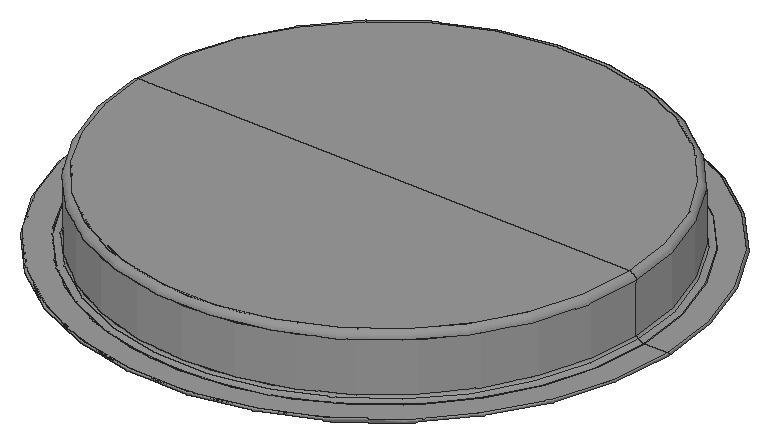
Revit family "MIA12_63_UN_Downlighter_ETK", category Lighting Fixtures, Revit 2017 (continued)
Definition of nested family "MIA.1 - Lightsource"
  Types (8, lengths in mm): name | Wattage | built-in parameter 1150134 | Photometric Web File | built-in parameter 1150142 | built-in parameter 1150105 | Lumens | built-in parameter 1150107 | built-in parameter 1150106
    MIA.1260.15 -  Ø180 / 10W / 1100lm / 4000K | 7.40531 W | 12 | "MIA.1260.15_LDT.ies" | "IESNA91\r\n[MANUFAC]  www.etk.nl\r\n[LUMCAT] MIA.1260.15\r\n[LUMINAIRE] MIA.1 LED 10W 4000K ø180 1000Lm mat wit  \r\n[LAMP] LED\r\n[CHANGED] this file converted to 'ies' from 'ldt' by IES Viewer v2.99n    (C) Andrey Legotin\r\nTILT=NONE\r\n1 1050 1.05 181 24 1 2 0 -0.16 0\r\n1 1 10\r\n0 1 2 3 4 5 6 7 8 9 10 11 12 13 14 15 16 17 18 19 20 21 22 \r\n23 24 25 26 27 28 29 30 31 32 33 34 35 36 37 38 39 40 41 42 \r\n43 44 45 46 47 48 49 50 51 52 53 54 55 56 57 58 59 60 61 62 \r\n63 64 65 66 67 68 69 70 71 72 73 74 75 76 77 78 79 80 81 82 \r\n83 84 85 86 87 88 89 90 91 92 93 94 95 96 97 98 99 100 101 \r\n102 103 104 105 106 107 108 109 110 111 112 113 114 115 116 \r\n117 118 119 120 121 122 123 124 125 126 127 128 129 130 131 \r\n132 133 134 135 136 137 138 139 140 141 142 143 144 145 146 \r\n147 148 149 150 151 152 153 154 155 156 157 158 159 160 161 \r\n162 163 164 165 166 167 168 169 170 171 172 173 174 175 176 \r\n177 178 179 180 \r\n0 15 30 45 60 75 90 105 120 135 150 165 180 195 210 225 240 \r\n255 270 285 300 315 330 345 \r\n346.7666 346.96 346.9237 346.8029 346.1864 346.1139 \r\n345.4611 344.9293 344.1073 343.7931 342.8381 341.5206 \r\n340.2635 338.6317 336.9394 334.9934 332.5879 331.4638 \r\n329.7474 327.3661 325.1541 322.652 320.5125 317.95 314.9523 \r\n312.4018 309.4524 306.3459 303.0098 300.0121 296.9539 \r\n293.2189 289.5322 285.8697 282.0742 278.2546 274.6283 \r\n270.7845 266.8198 262.4199 258.3706 253.9466 249.5588 \r\n245.2315 240.2393 235.6219 230.9924 226.387 222.0839 \r\n216.6203 211.3381 206.5031 201.3659 196.3858 190.9223 \r\n185.8334 180.3941 175.0635 169.6483 163.8342 159.0112 \r\n153.318 147.4193 142.0525 136.4559 130.8473 125.0695 \r\n119.3884 113.7314 108.0865 102.4417 96.9298 91.3212 85.5675 \r\n80.1402 74.6283 69.1285 63.4715 58.1651 52.7257 47.3951 \r\n42.2217 37.0241 31.9231 26.8343 21.8421 16.9588 12.1721 \r\n7.5063 3.1911 0.7857 0.133 0.1209 0.1209 0.1209 0.1209 \r\n0.1209 0.1209 0.1209 0.1209 0.1209 0.133 0.1451 0.1571 \r\n0.1571 0.1692 0.1692 0.1813 0.1813 0.2055 0.2055 0.2176 \r\n0.2297 0.2418 0.2538 0.2659 0.2659 0.278 0.278 0.2901 \r\n0.3022 0.3264 0.3264 0.3143 0.3264 0.3385 0.3505 0.3505 \r\n0.3626 0.3747 0.3868 0.3868 0.3989 0.411 0.411 0.411 0.4352 \r\n0.4352 0.4352 0.4472 0.4472 0.4593 0.4714 0.4714 0.4835 \r\n0.4956 0.4956 0.4956 0.5077 0.5077 0.5077 0.5077 0.5198 \r\n0.5198 0.5198 0.5319 0.5319 0.5319 0.5319 0.5319 0.5319 \r\n0.5319 0.5319 0.5319 0.5319 0.5319 0.5319 0.556 0.556 0.556 \r\n0.556 0.6044 0.6165 0.6406 0.6406 0.6527 0.6527 0.6527 \r\n0.6527 0.6527 0.6406 \r\n348.3742 347.7578 349.2083 348.2413 348.0962 346.9842 \r\n346.5248 345.9084 346.0172 344.8326 343.6964 343.6722 \r\n341.0734 340.3119 338.2812 336.3472 334.5582 332.9868 \r\n331.1374 328.3936 327.2936 324.5739 321.3828 319.6059 \r\n316.4632 313.7314 311.4469 307.7602 305.0526 301.9098 \r\n298.6341 295.1287 291.7442 287.7674 284.5401 280.5633 \r\n276.9733 273.3954 269.0801 264.6924 260.6551 256.6421 \r\n252.1818 247.1776 243.092 238.535 234.0868 229.3122 \r\n224.4772 218.8807 213.2842 207.6877 202.5867 197.6067 \r\n192.7958 187.5378 181.9413 176.3447 170.8933 165.466 \r\n160.0266 154.6356 149.0632 143.4667 137.9669 132.455 \r\n126.931 120.7784 115.1698 109.6337 103.9768 98.2594 92.5299 \r\n86.9213 81.4094 75.9579 70.3856 64.9462 59.4585 54.14 \r\n48.7731 43.503 38.2086 33.0835 28.0189 23.063 18.0708 \r\n13.1875 8.4854 3.9889 1.1483 0.0967 0.0967 0.1088 0.1088 \r\n0.1088 0.1209 0.1209 0.1209 0.133 0.1451 0.1571 0.1692 \r\n0.1692 0.1813 0.1934 0.1934 0.2055 0.2176 0.2297 0.2297 \r\n0.2418 0.2538 0.2659 0.278 0.278 0.2901 0.3022 0.3143 \r\n0.3264 0.3264 0.3385 0.3505 0.3626 0.3626 0.3626 0.3747 \r\n0.3868 0.3989 0.3989 0.411 0.4231 0.4231 0.4352 0.4352 \r\n0.4472 0.4593 0.4593 0.4714 0.4714 0.4835 0.4956 0.5077 \r\n0.5077 0.5077 0.5077 0.5077 0.5319 0.5319 0.5319 0.5319 \r\n0.5319 0.5319 0.5319 0.5319 0.5319 0.5319 0.5439 0.5439 \r\n0.5439 0.5439 0.5439 0.5439 0.5439 0.556 0.556 0.556 0.5681 \r\n0.5681 0.5802 0.6044 0.6044 0.6165 0.6165 0.6165 0.6286 \r\n0.6286 0.6406 0.6286 0.6286 0.6406 \r\n347.794 348.1083 348.0479 347.7336 347.5402 347.6973 \r\n346.8512 346.0293 345.7512 344.5667 343.7326 342.5964 \r\n341.2426 340.0218 338.5229 336.9394 335.0538 333.4341 \r\n331.5363 329.2518 327.5837 324.719 322.2048 319.896 \r\n317.1401 313.816 311.193 308.3887 305.3427 301.8494 \r\n298.8396 295.2133 291.297 288.263 284.528 280.6237 276.6348 \r\n273.1415 269.4669 265.466 260.3409 256.5333 251.7104 \r\n247.0809 242.8865 238.8372 234.2198 228.9617 224.2717 \r\n219.2917 213.9369 209.2711 204.5207 198.9121 193.6178 \r\n188.5289 183.2346 177.3722 172.1383 166.6747 161.1749 \r\n156.1102 150.2115 144.5546 138.8614 133.3495 127.9101 \r\n121.9872 116.4511 110.7579 105.0647 99.3714 93.9562 88.3476 \r\n82.8357 77.1909 71.6306 66.1187 60.776 55.2037 49.7885 \r\n44.5908 39.3086 34.0868 28.9738 23.9333 18.9532 14.1182 \r\n9.3074 4.7625 1.4747 0.133 0.1209 0.1209 0.1209 0.1209 \r\n0.1209 0.1209 0.1209 0.1209 0.1209 0.1209 0.1451 0.1571 \r\n0.1571 0.1571 0.1692 0.1813 0.1934 0.2055 0.2055 0.2176 \r\n0.2297 0.2418 0.2418 0.2538 0.2659 0.278 0.278 0.2901 \r\n0.3022 0.3143 0.3264 0.3264 0.3264 0.3264 0.3385 0.3505 \r\n0.3626 0.3626 0.3868 0.3868 0.3989 0.3989 0.411 0.411 \r\n0.4352 0.4352 0.4352 0.4472 0.4472 0.4593 0.4714 0.4714 \r\n0.4835 0.4956 0.4956 0.5077 0.5077 0.5077 0.5077 0.5077 \r\n0.5198 0.5198 0.5319 0.5319 0.5319 0.5319 0.5319 0.5319 \r\n0.5439 0.5439 0.5439 0.5439 0.5439 0.5439 0.5439 0.556 \r\n0.556 0.556 0.5681 0.6044 0.6286 0.6406 0.6527 0.6648 \r\n0.6648 0.6769 0.6769 0.6648 0.6406 \r\n346.5369 347.8666 347.2017 346.4161 346.3798 346.4886 \r\n346.3677 345.8359 344.8205 344.7963 343.5755 342.0887 \r\n340.88 339.6591 338.8009 337.701 334.9208 332.9868 330.8594 \r\n328.865 327.487 324.2355 322.3861 319.6422 317.539 315.1819 \r\n311.2897 308.0019 304.7504 302.3087 299.166 295.999 \r\n292.2761 289.0971 285.7367 281.8808 277.7106 274.0602 \r\n269.89 265.7198 261.6826 257.0893 252.762 249.2929 244.0832 \r\n239.4416 234.7758 230.1946 225.553 220.0169 214.4688 \r\n208.9448 204.0977 199.0209 193.8595 188.6136 182.9929 \r\n177.6744 172.38 166.8923 161.465 156.1465 150.5137 144.893 \r\n139.369 133.7121 127.6804 122.3136 116.7533 111.0963 \r\n105.5482 99.7462 94.1376 88.4564 82.9808 77.3963 71.7515 \r\n66.4209 60.8365 55.6388 50.1511 44.8205 39.5383 34.4978 \r\n29.3485 24.3201 19.2917 14.36 9.6821 5.0284 1.5956 0.1088 \r\n0.0967 0.1088 0.1088 0.1209 0.1209 0.1209 0.133 0.1451 \r\n0.1451 0.1571 0.1571 0.1813 0.1813 0.1934 0.1934 0.2055 \r\n0.2176 0.2297 0.2418 0.2418 0.2538 0.2659 0.278 0.2901 \r\n0.2901 0.3143 0.3143 0.3264 0.3385 0.3385 0.3505 0.3626 \r\n0.3626 0.3747 0.3747 0.3868 0.3868 0.3989 0.411 0.4231 \r\n0.4231 0.4231 0.4352 0.4352 0.4352 0.4472 0.4593 0.4593 \r\n0.4714 0.4835 0.4956 0.5077 0.5077 0.5077 0.5198 0.5198 \r\n0.5198 0.5198 0.5198 0.5198 0.5198 0.5319 0.5319 0.5319 \r\n0.5319 0.5319 0.5319 0.5319 0.5439 0.5439 0.5439 0.5439 \r\n0.556 0.556 0.5681 0.5681 0.5802 0.5923 0.6044 0.6044 \r\n0.6165 0.6165 0.6286 0.6286 0.6406 0.6406 0.6406 0.6406 \r\n0.6406 \r\n347.0688 347.5402 348.0358 348.3501 348.2413 347.1655 \r\n346.7787 347.2259 345.8721 345.0381 343.9744 342.3788 \r\n341.3514 339.6229 338.7526 337.3142 335.1988 333.0956 \r\n330.8836 329.0221 327.1123 324.7069 322.2168 319.1708 \r\n317.1401 314.5655 311.3139 308.7151 305.3669 302.212 \r\n299.2747 295.5397 291.986 288.6377 284.9631 280.9017 \r\n277.348 273.5646 269.7208 265.611 261.1024 256.9201 \r\n252.4115 247.6611 243.2733 238.8734 233.7363 229.3606 \r\n224.586 219.3279 214.6863 209.5975 204.6416 199.3714 \r\n194.4035 189.0487 183.4159 178.1458 172.7306 166.9527 \r\n161.6584 156.2553 150.6829 145.0502 139.4778 133.8813 \r\n128.321 122.5553 117.1401 111.4469 105.7416 100.0363 \r\n94.3914 88.5894 83.1863 77.6139 72.0053 66.6143 60.9573 \r\n55.663 50.3324 45.0018 39.8163 34.5703 29.4331 24.4168 \r\n19.4246 14.5413 9.7667 5.1735 1.6439 0.1692 0.1209 0.1088 \r\n0.1088 0.1088 0.1088 0.1088 0.1088 0.1088 0.1209 0.1209 \r\n0.1451 0.1451 0.1571 0.1571 0.1692 0.1813 0.1813 0.2055 \r\n0.2176 0.2176 0.2297 0.2297 0.2418 0.2538 0.2659 0.278 \r\n0.278 0.2901 0.3022 0.3264 0.3264 0.3264 0.3264 0.3385 \r\n0.3505 0.3505 0.3626 0.3747 0.3747 0.3868 0.3989 0.411 \r\n0.411 0.411 0.4352 0.4352 0.4472 0.4352 0.4352 0.4472 \r\n0.4472 0.4593 0.4593 0.4714 0.4714 0.4956 0.4956 0.5077 \r\n0.5077 0.5077 0.5198 0.5198 0.5198 0.5319 0.5319 0.5319 \r\n0.5319 0.5319 0.5319 0.5319 0.5319 0.5319 0.5319 0.5439 \r\n0.5439 0.5439 0.556 0.556 0.5681 0.6044 0.6286 0.6406 \r\n0.6527 0.6648 0.6769 0.6769 0.6769 0.6648 0.6406 \r\n347.794 348.1687 348.2654 347.4677 348.2171 347.238 \r\n347.3105 347.3105 345.6425 345.0743 343.9502 343.2975 \r\n341.9074 340.1185 338.7888 337.3504 335.7186 333.7 331.633 \r\n329.8078 327.7408 325.0453 322.7124 320.0894 317.5632 \r\n314.3962 312.3414 308.5459 305.8262 302.3329 299.7824 \r\n296.3133 293.0134 289.4597 285.4345 281.9896 277.904 \r\n274.4712 270.3493 266.6022 262.2628 257.6695 253.1125 \r\n248.8577 244.6392 239.8888 235.3197 230.3759 225.8189 \r\n220.2708 214.7226 209.1744 203.9043 198.9605 193.8716 \r\n188.6015 183.2588 177.7832 172.3438 167.0615 161.5134 \r\n155.9289 150.3203 144.5788 139.1394 133.4462 127.8134 \r\n122.1322 116.4995 110.7579 105.1855 99.6374 93.92 88.3114 \r\n82.7874 76.9491 71.3889 66.0703 60.5584 55.2158 49.8852 \r\n44.5304 39.2723 34.0505 28.9496 23.9454 18.929 14.1061 \r\n9.3557 4.7625 1.4505 0.1088 0.1088 0.1088 0.1088 0.1209 \r\n0.1209 0.1209 0.133 0.1451 0.1571 0.1571 0.1692 0.1813 \r\n0.1813 0.1934 0.2055 0.2176 0.2176 0.2297 0.2418 0.2538 \r\n0.2659 0.2659 0.278 0.2901 0.3022 0.3143 0.3264 0.3264 \r\n0.3385 0.3505 0.3505 0.3626 0.3626 0.3747 0.3747 0.3989 \r\n0.3989 0.411 0.4231 0.4352 0.4352 0.4352 0.4472 0.4472 \r\n0.4593 0.4714 0.4714 0.4835 0.4835 0.4956 0.5077 0.5077 \r\n0.5077 0.5198 0.5077 0.5198 0.5198 0.5319 0.5319 0.5319 \r\n0.5319 0.5319 0.5319 0.5319 0.5319 0.5319 0.5319 0.5439 \r\n0.5439 0.5439 0.5439 0.556 0.556 0.5681 0.5681 0.5802 \r\n0.5802 0.5923 0.6044 0.6165 0.6286 0.6286 0.6406 0.6406 \r\n0.6527 0.6648 0.6527 0.6527 0.6406 \r\n347.4918 347.4556 347.0325 346.9842 346.5611 346.2589 \r\n344.7842 343.3579 342.959 342.2338 341.025 339.9613 \r\n338.6438 336.9515 335.1868 333.3253 331.5363 329.699 \r\n327.4387 324.586 322.0355 320.3554 317.6599 314.3962 \r\n312.1963 309.1502 306.08 302.9494 299.6011 296.7243 \r\n293.6299 289.7256 286.0389 282.8841 279.4029 275.3656 \r\n271.7877 267.5571 263.3627 259.2893 254.8773 250.9489 \r\n246.3314 242.0283 237.4109 232.9626 228.3694 223.6553 \r\n218.2401 212.8128 207.3855 202.0065 197.5946 192.1794 \r\n187.2235 182.1709 176.8645 171.6548 166.5297 161.054 \r\n155.4938 150.0665 144.8447 139.5141 133.8692 128.1035 \r\n122.7004 117.1643 111.7853 106.2976 100.8703 95.3705 \r\n89.9553 84.5038 79.2457 73.6976 68.2098 63.0726 57.7058 \r\n52.5565 47.3589 42.3426 37.3021 32.3462 27.4628 22.6278 \r\n17.9016 13.1996 8.6667 4.2669 1.2571 0.0484 0.0604 0.0604 \r\n0.0725 0.0604 0.0725 0.0846 0.0846 0.0967 0.0967 0.1088 \r\n0.1209 0.1209 0.133 0.1451 0.1451 0.1571 0.1692 0.1813 \r\n0.1813 0.1934 0.2055 0.2055 0.2176 0.2297 0.2418 0.2418 \r\n0.2538 0.2538 0.2659 0.278 0.278 0.2901 0.3022 0.3022 \r\n0.3143 0.3143 0.3264 0.3264 0.3385 0.3505 0.3626 0.3626 \r\n0.3626 0.3747 0.3747 0.3868 0.3989 0.411 0.411 0.4231 \r\n0.4352 0.4352 0.4472 0.4472 0.4593 0.4593 0.4714 0.4714 \r\n0.4714 0.4835 0.4835 0.4956 0.4835 0.4956 0.5077 0.5077 \r\n0.5319 0.5319 0.5439 0.5439 0.556 0.5681 0.5802 0.5802 \r\n0.5923 0.6044 0.6165 0.6165 0.6165 0.6286 0.6286 0.6286 \r\n0.6406 0.6406 0.6406 0.6406 0.6406 0.6406 0.6406 \r\n348.6764 348.9907 348.3863 347.516 346.8029 346.4886 \r\n345.8359 345.0864 344.0348 342.8986 341.6173 340.3239 \r\n339.3449 337.2295 335.2955 333.3132 331.6814 329.3122 \r\n327.7408 325.4321 322.7487 320.4883 318.2159 315.6896 \r\n312.2809 309.3557 306.6965 303.8317 300.0242 296.5551 \r\n292.7475 289.6531 285.8697 282.5819 278.4117 274.9547 \r\n271.413 267.3758 263.121 258.6486 254.2367 249.9819 \r\n245.3282 240.5173 236.1779 231.8869 226.8101 222.1806 \r\n217.3456 212.4501 207.6756 202.5746 197.6188 192.1552 \r\n187.1026 182.1105 176.8766 171.5218 166.1912 160.5222 \r\n155.5663 149.8489 144.204 138.7767 133.2165 127.7167 \r\n122.096 116.717 111.2172 105.7053 100.2055 94.6211 89.2784 \r\n83.8511 78.3392 72.9844 67.5209 62.2749 56.9564 51.928 \r\n46.6699 41.569 36.5043 31.4517 26.6892 21.818 16.9588 \r\n12.3776 7.8206 3.5537 0.9428 0.0967 0.0725 0.0725 0.0725 \r\n0.0725 0.0725 0.0725 0.0725 0.0725 0.0846 0.0967 0.0967 \r\n0.0967 0.1088 0.1209 0.133 0.133 0.1451 0.1571 0.1571 \r\n0.1692 0.1813 0.1813 0.1934 0.2055 0.2176 0.2176 0.2297 \r\n0.2418 0.2418 0.2538 0.2659 0.2659 0.278 0.278 0.2901 \r\n0.2901 0.3022 0.3143 0.3143 0.3264 0.3264 0.3385 0.3385 \r\n0.3505 0.3505 0.3626 0.3626 0.3868 0.3868 0.3989 0.3989 \r\n0.411 0.4231 0.4231 0.4472 0.4352 0.4352 0.4472 0.4472 \r\n0.4472 0.4472 0.4593 0.4593 0.4593 0.4714 0.4956 0.4956 \r\n0.5077 0.5077 0.5198 0.5319 0.5439 0.556 0.556 0.5681 \r\n0.5681 0.5802 0.5923 0.6286 0.6286 0.6406 0.6406 0.6527 \r\n0.6648 0.6648 0.6648 0.6648 0.6406 0.6406 \r\n347.5281 347.5281 347.8424 347.9391 347.4677 346.3677 \r\n346.5853 345.2798 343.7326 342.5118 341.4723 339.8525 \r\n338.5592 336.746 335.0659 333.6396 331.2704 329.421 \r\n326.5925 325.1541 322.7971 320.4762 317.6236 314.7589 \r\n311.5919 308.5338 305.8866 302.5867 299.5286 295.9869 \r\n292.9288 289.1092 285.4829 281.9171 278.2787 274.314 \r\n270.2526 265.9857 262.3957 258.0322 254.2971 248.894 \r\n244.9414 240.2514 235.8153 231.0045 226.4717 221.1531 \r\n215.8346 210.5161 205.669 200.8824 195.3584 190.5113 \r\n185.3983 180.3941 174.5558 169.5999 164.3297 158.9871 \r\n153.5114 147.9512 142.4876 137.0966 131.5001 125.9761 \r\n120.4883 114.8918 109.6217 103.9647 98.5737 93.1464 87.5378 \r\n82.2072 76.8766 71.3647 66.0462 60.8365 55.5663 50.3445 \r\n45.2315 40.1668 35.0296 30.0616 25.2508 20.4279 15.7863 \r\n11.1205 6.6119 2.5505 0.4835 0.0484 0.0484 0.0604 0.0604 \r\n0.0725 0.0725 0.0846 0.0846 0.0967 0.0967 0.1088 0.1209 \r\n0.1209 0.133 0.1451 0.1571 0.1571 0.1692 0.1813 0.1934 \r\n0.1934 0.2055 0.2055 0.2176 0.2297 0.2418 0.2418 0.2538 \r\n0.2538 0.2659 0.278 0.278 0.2901 0.2901 0.3022 0.3143 \r\n0.3143 0.3264 0.3264 0.3385 0.3385 0.3505 0.3505 0.3626 \r\n0.3626 0.3747 0.3868 0.3989 0.3989 0.411 0.4231 0.4231 \r\n0.4352 0.4472 0.4472 0.4593 0.4593 0.4593 0.4714 0.4714 \r\n0.4714 0.4714 0.4835 0.4835 0.4956 0.5077 0.5077 0.5198 \r\n0.5319 0.5439 0.5439 0.556 0.5681 0.5681 0.5802 0.5923 \r\n0.6044 0.6165 0.6165 0.6165 0.6165 0.6286 0.6286 0.6286 \r\n0.6286 0.6406 0.6286 0.6286 0.6286 0.6406 \r\n348.1083 347.3105 346.5974 346.4886 346.5248 345.9205 \r\n345.026 343.926 343.5876 342.0404 340.1064 339.2723 \r\n337.3625 336.1658 333.7121 331.9836 330.4243 328.0672 \r\n325.8552 323.2685 320.8872 317.9258 315.3753 312.5831 \r\n309.4162 306.7569 303.723 300.9187 297.9814 294.198 \r\n290.5838 286.9455 283.5247 279.693 276.1634 272.0658 \r\n268.0527 264.1605 259.8332 255.3487 250.961 246.7666 \r\n242.1733 238.124 233.6275 228.7562 223.752 218.8928 214.082 \r\n209.3557 204.5086 199.7099 194.4639 189.0608 183.6819 \r\n178.7622 173.1778 168.0527 162.7705 157.2344 151.9038 \r\n146.3556 140.9767 135.2714 130.1342 124.7311 119.1708 \r\n113.5138 108.014 102.5384 97.2803 91.708 86.1598 80.805 \r\n75.3052 69.9142 64.5473 59.3618 54.0916 49.0149 43.8051 \r\n38.8493 33.8088 28.8045 24.0421 19.2796 14.5534 9.8634 \r\n5.4756 1.8252 0.1813 0.0725 0.0725 0.0725 0.0725 0.0725 \r\n0.0725 0.0725 0.0725 0.0725 0.0967 0.0967 0.0967 0.0967 \r\n0.1088 0.1209 0.133 0.1451 0.1571 0.1571 0.1571 0.1692 \r\n0.1813 0.1813 0.2055 0.2055 0.2176 0.2176 0.2297 0.2418 \r\n0.2418 0.2538 0.2659 0.2659 0.2659 0.278 0.278 0.2901 \r\n0.3022 0.3143 0.3143 0.3264 0.3264 0.3264 0.3385 0.3385 \r\n0.3505 0.3626 0.3747 0.3868 0.3868 0.3989 0.3989 0.3989 \r\n0.411 0.4231 0.4352 0.4352 0.4472 0.4352 0.4472 0.4472 \r\n0.4472 0.4593 0.4593 0.4593 0.4714 0.4835 0.4835 0.4956 \r\n0.5077 0.5198 0.5198 0.5439 0.556 0.556 0.556 0.5681 0.5681 \r\n0.5923 0.6165 0.6286 0.6286 0.6286 0.6406 0.6406 0.6527 \r\n0.6527 0.6527 0.6406 0.6406 \r\n347.5765 347.3105 347.1534 347.0688 346.2589 345.2798 \r\n344.7963 343.8172 342.7535 341.6415 340.058 339.0548 \r\n337.1812 335.1505 333.2648 331.3913 329.4331 326.9552 \r\n324.9365 322.2894 320.0411 317.2972 314.
